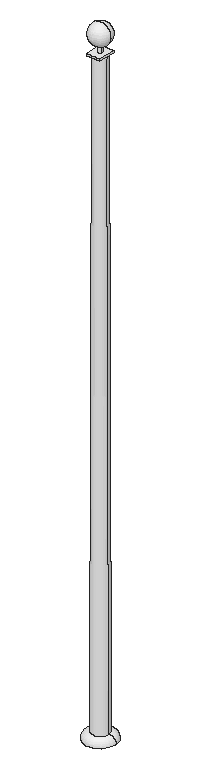
Revit family
Parameters (values of type "9 미터")
  베이스 = 250 mm
  높이 = 9000 mm
  상단 = 200 mm
Types (4, lengths in mm): name | 베이스 | 높이 | 상단
  (no name) | 250 | 9000 | 200
  6 미터 | 254 | 6096 | 203.2
  9 미터 | 250 | 9000 | 200
  12 미터 | 254 | 12192 | 203.2
Reference planes
  plane 1 "중심(앞/뒤)": y = 0
  plane 2: z = -50.8
  plane 3 "중심(왼쪽/오른쪽)": x = 0
  plane 4: x = -100
  plane 5: x = 100
  plane 6: y = -125
  plane 7: y = 125
  plane 8: z = 8949.2
  plane 9: z = 8974.6
  plane 10: z = 9214.122
Forms (mm)
  Blend 1, solid, material "금속 - 알루미늄"
    base sketch origin (0, 0, 0) x (1, 0, 0) y (0, 1, 0)
      loop
        circle (0, 0) r 125.4
    top sketch origin (0, 0, 0) x (1, 0, 0) y (0, 1, 0)
      loop
        circle (0, 0) r 100
    from 101.6 to 8949.2
  Revolve 2, solid, material "금속 - 알루미늄"
    sketch origin (0, 0, 0) x (1, 0, 0) y (0, 0, 1)
      loop
        line (0, 101.6) -> (-125.4, 101.6)
        arc (-125.4, 101.6) -> (-197.242, 71.842) -> (-227, 0) r 101.6
        line (-227, 0) -> (0, 0) -> (0, 101.6)
      axis (0, 0) -> (0, 101.6)
    angle from 0 to 360
  Revolve 3, solid, material "금속 - 알루미늄"
    sketch origin (-5.201, 0, 33.479) x (1, 0, 0) y (0, 0, 1)
      loop
        line (5.201, 9333.043) -> (5.201, 9307.643)
        arc (5.201, 9307.643) -> (132.201, 9180.643) -> (5.201, 9053.643) r 127
        line (5.201, 9053.643) -> (5.201, 9028.243)
        arc (5.201, 9028.243) -> (157.601, 9180.643) -> (5.201, 9333.043) r 152.4
      axis (5.201, 9333.043) -> (5.201, 9028.243)
    angle from 0 to 360
  Extrusion 4, solid, material "금속 - 알루미늄"
    sketch origin (0, 0, 0) x (1, 0, 0) y (0, 1, 0)
      loop
        line (-100, 125) -> (-100, -125) -> (100, -125) -> (100, 125) -> (-100, 125)
    from 8974.6 to 8949.2
  Extrusion 5, solid, material "금속 - 알루미늄"
    sketch origin (0, 0, 0) x (1, 0, 0) y (0, 1, 0)
      loop
        circle (0, 0) r 25.4
    from 9214.122 to 8974.6
Lines and regions (mm)
  model lines, style "기타"
    curve 1: arc (227, 0, 0) -> (0, 227, 0) -> (-227, 0, 0) r 227
    curve 2: arc (-227, 0, 0) -> (0, -227, 0) -> (227, 0, 0) r 227
    curve 3: arc (125.4, 0, 0) -> (0, 125.4, 0) -> (-125.4, 0, 0) r 125.4
    curve 4: arc (-125.4, 0, 0) -> (0, -125.4, 0) -> (125.4, 0, 0) r 125.4
Dimensions and locks
  equal spacing: plane 6, plane 1 "중심(앞/뒤)", plane 7
  "베이스": plane 6 to plane 7
  equal spacing: plane 4, plane 3 "중심(왼쪽/오른쪽)", plane 5
  "상단": plane 4 to plane 5
  "높이": plane 8 to plane 2
  locked: plane 9 to plane 8 at 25.4
  locked: plane 10 to Revolve 3 sketch curve at 0  (x2)
  locked: plane 10 to plane 8 at 264.922
  aligned and locked: Blend 1 to Revolve 2
  aligned and locked: plane 4 to Extrusion 4 sketch curve
  aligned and locked: plane 7 to Extrusion 4 sketch curve
  aligned and locked: plane 6 to Extrusion 4 sketch curve
  aligned and locked: plane 5 to Extrusion 4 sketch curve
  aligned and locked: Extrusion 5 to plane 10
  aligned and locked: Blend 1 to plane 8
  aligned and locked: Extrusion 4 to Blend 1
  aligned and locked: Extrusion 4 to plane 9
  aligned and locked: Extrusion 5 to Extrusion 4
Automatic sketch dimensions
  Blend 1 sketch curve to plane 1 "중심(앞/뒤)" = 0 mm  (x2)
  Blend 1 sketch curve to plane 3 "중심(왼쪽/오른쪽)" = 0 mm  (x2)
  plane 4 to Blend 1 sketch curve = 25.4 mm
  Blend 1 sketch curve to plane 4 = 0 mm
  Revolve 2 sketch curve to level = 0 mm
  Revolve 2 sketch curve to plane 3 "중심(왼쪽/오른쪽)" = 0 mm  (x2)
  plane 4 to Revolve 2 sketch curve = 25.4 mm
  Revolve 2 sketch curve to Revolve 2 sketch curve = 101.6 mm  (x2)
  Revolve 2 sketch curve to Revolve 2 sketch curve = 76.2 mm
  Extrusion 5 sketch curve to plane 1 "중심(앞/뒤)" = 0 mm
  Extrusion 5 sketch curve to plane 3 "중심(왼쪽/오른쪽)" = 0 mm
  Extrusion 5 sketch curve to Extrusion 5 sketch curve = 25.4 mm
  Revolve 3 sketch curve to plane 3 "중심(왼쪽/오른쪽)" = 0 mm  (x2)
  plane 10 to Revolve 3 sketch curve = 30.72 mm
  Revolve 3 sketch curve to Revolve 3 sketch curve = 96.28 mm
  Revolve 3 sketch curve to Revolve 3 sketch curve = 25.4 mm
  Revolve 3 sketch curve to Revolve 3 sketch curve = 56.12 mm
  curve 1 to plane 1 "중심(앞/뒤)" = 0 mm
  curve 4 to plane 1 "중심(앞/뒤)" = 0 mm
  curve 2 to plane 3 "중심(왼쪽/오른쪽)" = 0 mm
  curve 3 to plane 3 "중심(왼쪽/오른쪽)" = 0 mm
  plane 4 to curve 3 = 25.4 mm
  curve 2 to curve 3 = 101.6 mm
